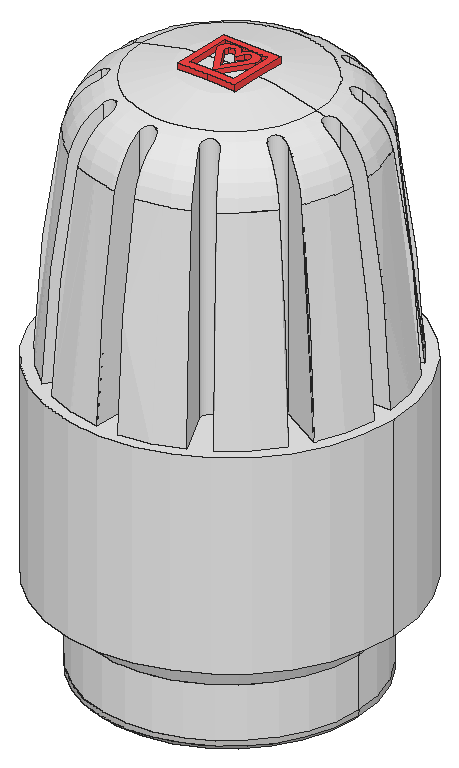
Revit family "HERZ-HERZCULES-Thermostatic Head M28x1.5 9860", category Rohrzubehör, Revit 2020
Family settings
  Bemaßung runder Anschluss = Durchmesser verwenden
  Teiletyp = Normal
  OmniClass-Nummer = 23.65.55.14
  OmniClass-Titel = Valves for Liquid Services
  Arbeitsebenenbasiert = Nein
  Immer vertikal = Nein
  Beim Laden mit Abzugskörper schneiden = Nein
  Gemeinsam genutzt = Nein
Parameters
  Vorgabe-Ansicht = 0.000 mm
  URL = "www.herzvalves.com"
  Set value range = "8 - 26°C"  # constant formula
  S02 = 60.000 mm  # constant formula
  S01 = 81.000 mm  # constant formula
  Part number = 1986010  # constant formula
  Operation = "The HERZ-thermostat serves as a sensor and control element.\r\nThe change in volume of the liquid contained in the HERZ-hydrosensor actuates the valve spindle."
  Model = "HERZCULES, radiator thermostat in robust version\r\nProtection against vandalism, theft and unauthorised operation.\r\nMounting, dismounting and set point control only possible with special tools.\r\nLocked and concealed set point.\r\nWith automatic frost release."
  Hersteller = "HERZ Armaturen Ges.m.b.H."  # constant formula
  Hand wheel = "plastic, white"  # constant formula
  Application = "HERZCULES, thermostatic head for mounting on HERZ-Valves, suitable for thermostatic operation."
Reference planes
  plane 1 "Mitte (Vorne/hinten)": y = 0
  plane 2: z = 0
  plane 3 "Mitte (Links/rechts)": x = 0
Forms (mm)
  Revolve 1, solid, material "Kunststoff weiß", detail levels fine
    sketch origin (0, 0, 0) x (1, 0, 0) y (0, 0, 1)
      loop
        line (-20.5, -3.5) -> (-14, -3.5) -> (-14, 0) -> (0, 0) -> (0, 81)
        arc (0, 81) -> (-6.982, 80.51) -> (-13.827, 79.05) r 50
        arc (-13.827, 79.05) -> (-18.34, 76.173) -> (-20.722, 71.381) r 10
        arc (-20.722, 71.381) -> (-23.123, 55.561) -> (-24.254, 39.6) r 200.5
        line (-24.254, 39.6) -> (-26, 39.6) -> (-26, 9) -> (-23.156, 9) -> (-20.5, 4.4) -> (-20.5, -3.5)
      axis (0, 81) -> (0, -3.5)
    angle from 0 to 360
  Revolve 2, solid, material "Messing verzinkt", detail levels fine
    sketch origin (0, 0, -5) x (1, 0, 0) y (0, 0, 1)
      loop
        line (-14, 0) -> (-14, 1.5) -> (-20.5, 1.5) -> (-20.5, 0.7) -> (-19.8, 0) -> (-14, 0)
      axis (0, 1.5) -> (0, 0)
    angle from 0 to 360
  Extrusion 3, void
    sketch origin (0, 0, 0) x (1, 0, 0) y (0, 1, 0)
      loop
        line (1.7, -24.289) -> (1.331, -16.288)
        arc (1.331, -16.288) -> (-0.021, -15) -> (-1.366, -16.294) r 1.35
        line (-1.366, -16.294) -> (-1.7, -24.292)
        arc (-1.7, -24.292) -> (0, -24.35) -> (1.7, -24.289) r 24.35
      loop
        arc (-13.65, -20.176) -> (-12.208, -21.079) -> (-10.707, -21.879) r 24.35
        line (-10.707, -21.879) -> (-6.996, -14.785)
        arc (-6.996, -14.785) -> (-7.515, -12.992) -> (-9.329, -13.431) r 1.35
        line (-9.329, -13.431) -> (-13.65, -20.176)
      loop
        line (-20.194, -13.632) -> (-13.449, -9.312)
        arc (-13.449, -9.312) -> (-13.009, -7.497) -> (-14.803, -6.979) r 1.35
        line (-14.803, -6.979) -> (-21.896, -10.689)
        arc (-21.896, -10.689) -> (-21.097, -12.19) -> (-20.194, -13.632) r 24.35
      loop
        arc (-24.307, 1.718) -> (-24.368, 0.018) -> (-24.309, -1.682) r 24.35
        line (-24.309, -1.682) -> (-16.311, -1.349)
        arc (-16.311, -1.349) -> (-15.018, -0.003) -> (-16.305, 1.349) r 1.35
        line (-16.305, 1.349) -> (-24.307, 1.718)
      loop
        arc (1.7, 24.289) -> (0, 24.35) -> (-1.7, 24.292) r 24.35
        line (-1.7, 24.292) -> (-1.366, 16.294)
        arc (-1.366, 16.294) -> (-0.021, 15) -> (1.331, 16.288) r 1.35
        line (1.331, 16.288) -> (1.7, 24.289)
      loop
        line (-13.65, 20.176) -> (-9.329, 13.431)
        arc (-9.329, 13.431) -> (-7.515, 12.992) -> (-6.996, 14.785) r 1.35
        line (-6.996, 14.785) -> (-10.707, 21.879)
        arc (-10.707, 21.879) -> (-12.208, 21.079) -> (-13.65, 20.176) r 24.35
      loop
        arc (-20.194, 13.632) -> (-21.097, 12.19) -> (-21.896, 10.689) r 24.35
        line (-21.896, 10.689) -> (-14.803, 6.979)
        arc (-14.803, 6.979) -> (-13.009, 7.497) -> (-13.449, 9.312) r 1.35
        line (-13.449, 9.312) -> (-20.194, 13.632)
      loop
        line (24.307, 1.718) -> (16.305, 1.349)
        arc (16.305, 1.349) -> (15.018, -0.003) -> (16.311, -1.349) r 1.35
        line (16.311, -1.349) -> (24.309, -1.682)
        arc (24.309, -1.682) -> (24.368, 0.018) -> (24.307, 1.718) r 24.35
      loop
        arc (13.65, 20.176) -> (12.208, 21.079) -> (10.707, 21.879) r 24.35
        line (10.707, 21.879) -> (6.996, 14.785)
        arc (6.996, 14.785) -> (7.515, 12.992) -> (9.329, 13.431) r 1.35
        line (9.329, 13.431) -> (13.65, 20.176)
      loop
        line (20.194, 13.632) -> (13.449, 9.312)
        arc (13.449, 9.312) -> (13.009, 7.497) -> (14.803, 6.979) r 1.35
        line (14.803, 6.979) -> (21.896, 10.689)
        arc (21.896, 10.689) -> (21.097, 12.19) -> (20.194, 13.632) r 24.35
      loop
        line (13.65, -20.176) -> (9.329, -13.431)
        arc (9.329, -13.431) -> (7.515, -12.992) -> (6.996, -14.785) r 1.35
        line (6.996, -14.785) -> (10.707, -21.879)
        arc (10.707, -21.879) -> (12.208, -21.079) -> (13.65, -20.176) r 24.35
      loop
        arc (20.194, -13.632) -> (21.097, -12.19) -> (21.896, -10.689) r 24.35
        line (21.896, -10.689) -> (14.803, -6.979)
        arc (14.803, -6.979) -> (13.009, -7.497) -> (13.449, -9.312) r 1.35
        line (13.449, -9.312) -> (20.194, -13.632)
    from 39.6 to 90
Cuts and joins
  Extrusion 3 cuts Revolve 1
Lines and regions (mm)
  model lines, detail levels coarse+medium
    curve 1: line (0, 0, 0) -> (0, 0, 21)
    curve 2: line (0, -0.017, 0) -> (0, 21, 0)
    curve 3: circle (0, 0, 51) r 30 normal (0, -1, 0)
    curve 4: circle (0, 0, 51) r 30 normal (1, 0, 0)
    curve 5: line (0, 0, 31) -> (0, 0, 71)
    curve 6: line (0, 17.5, 71) -> (0, -17.5, 71)
    curve 7: line (0, 0, 31) -> (0, 0, 71)
    curve 8: line (-17.5, 0, 71) -> (17.5, 0, 71)
    curve 9: circle (0, 51, 0) r 30 normal (0, 0, 1)
    curve 10: line (0, 31, 0) -> (0, 71, 0)
    curve 11: line (-17.5, 71, 0) -> (17.5, 71, 0)
Dimensions and locks
  nested 1 to plane 2 = 80.000 mm
  "S01": curve 4 to plane 2
  "S01": curve 3 to plane 2
  "S01": plane 1 "Mitte (Vorne/hinten)" to curve 9
  "S02": diameter of curve 3
  "S02": diameter of curve 4
  "S02": diameter of curve 9
  aligned and locked: level to plane 2
Automatic sketch dimensions
  Revolve 1 sketch curve to level = 0.000 mm
  Revolve 1 sketch curve to plane 3 "Mitte (Links/rechts)" = 0.000 mm  (x2)
  Revolve 1 sketch curve to plane 3 "Mitte (Links/rechts)" = 10.903 mm
  Revolve 1 sketch curve to plane 3 "Mitte (Links/rechts)" = 14.000 mm
  Revolve 1 sketch curve to Revolve 1 sketch curve = 6.500 mm
  level to Revolve 1 sketch curve = 9.000 mm
  Revolve 1 sketch curve to Revolve 1 sketch curve = 2.656 mm
  Revolve 1 sketch curve to plane 3 "Mitte (Links/rechts)" = 24.254 mm
  Revolve 1 sketch curve to Revolve 1 sketch curve = 1.746 mm
  level to Revolve 1 sketch curve = 33.411 mm
  plane 3 "Mitte (Links/rechts)" to Revolve 1 sketch curve = 176.150 mm
  Revolve 1 sketch curve to level = 3.500 mm
  level to Revolve 1 sketch curve = 4.400 mm
  level to Revolve 1 sketch curve = 31.000 mm
  Revolve 1 sketch curve to Revolve 1 sketch curve = 8.600 mm
  Revolve 1 sketch curve to Revolve 1 sketch curve = 29.887 mm
  Revolve 1 sketch curve to Revolve 1 sketch curve = 11.513 mm
  Revolve 1 sketch curve to Revolve 1 sketch curve = 2.925 mm
  level to Revolve 1 sketch curve = 5.000 mm
  Revolve 1 sketch curve to Revolve 1 sketch curve = 2133.315 mm
  Revolve 2 sketch curve to plane 3 "Mitte (Links/rechts)" = 0.000 mm
  Revolve 2 sketch curve to level = 5.000 mm
  Revolve 2 sketch curve to plane 3 "Mitte (Links/rechts)" = 14.000 mm
  Revolve 2 sketch curve to Revolve 2 sketch curve = 5.800 mm
  Revolve 2 sketch curve to Revolve 2 sketch curve = 0.700 mm  (x2)
  Revolve 2 sketch curve to Revolve 2 sketch curve = 1.500 mm
  Revolve 2 sketch curve to Revolve 2 sketch curve = 366.045 mm
  level to Revolve 2 sketch curve = 2209.315 mm
  Extrusion 3 sketch curve to Extrusion 3 sketch curve = 0.000 mm  (x62)
  plane 1 "Mitte (Vorne/hinten)" to Extrusion 3 sketch curve = 0.000 mm  (x4)
  plane 1 "Mitte (Vorne/hinten)" to Extrusion 3 sketch curve = 1.682 mm  (x2)
  Extrusion 3 sketch curve to plane 3 "Mitte (Links/rechts)" = 24.309 mm
  Extrusion 3 sketch curve to plane 1 "Mitte (Vorne/hinten)" = 1.718 mm  (x2)
  Extrusion 3 sketch curve to Extrusion 3 sketch curve = 0.002 mm
  plane 1 "Mitte (Vorne/hinten)" to Extrusion 3 sketch curve = 10.689 mm  (x2)
  Extrusion 3 sketch curve to Extrusion 3 sketch curve = 2.413 mm
  plane 1 "Mitte (Vorne/hinten)" to Extrusion 3 sketch curve = 13.632 mm
  Extrusion 3 sketch curve to Extrusion 3 sketch curve = 4.113 mm
  Extrusion 3 sketch curve to Extrusion 3 sketch curve = 7.942 mm
  plane 1 "Mitte (Vorne/hinten)" to Extrusion 3 sketch curve = 1.349 mm  (x2)
  Extrusion 3 sketch curve to Extrusion 3 sketch curve = 0.056 mm
  Extrusion 3 sketch curve to plane 1 "Mitte (Vorne/hinten)" = 1.349 mm  (x2)
  Extrusion 3 sketch curve to plane 1 "Mitte (Vorne/hinten)" = 6.979 mm  (x2)
  Extrusion 3 sketch curve to Extrusion 3 sketch curve = 1.503 mm  (x4)
  plane 1 "Mitte (Vorne/hinten)" to Extrusion 3 sketch curve = 6.979 mm  (x2)
  Extrusion 3 sketch curve to Extrusion 3 sketch curve = 1.509 mm
  Extrusion 3 sketch curve to Extrusion 3 sketch curve = 0.626 mm  (x6)
  Extrusion 3 sketch curve to Extrusion 3 sketch curve = 6.544 mm  (x2)
  Extrusion 3 sketch curve to plane 1 "Mitte (Vorne/hinten)" = 9.312 mm
  Extrusion 3 sketch curve to Extrusion 3 sketch curve = 0.728 mm  (x6)
  plane 1 "Mitte (Vorne/hinten)" to Extrusion 3 sketch curve = 9.312 mm
  Extrusion 3 sketch curve to Extrusion 3 sketch curve = 2.943 mm  (x4)
  Extrusion 3 sketch curve to Extrusion 3 sketch curve = 4.120 mm  (x6)
  Extrusion 3 sketch curve to Extrusion 3 sketch curve = 1.137 mm  (x4)
  Extrusion 3 sketch curve to Extrusion 3 sketch curve = 1.196 mm  (x5)
  Extrusion 3 sketch curve to plane 3 "Mitte (Links/rechts)" = 1.700 mm  (x2)
  Extrusion 3 sketch curve to plane 3 "Mitte (Links/rechts)" = 1.366 mm  (x2)
  Extrusion 3 sketch curve to plane 3 "Mitte (Links/rechts)" = 0.018 mm  (x2)
  plane 3 "Mitte (Links/rechts)" to Extrusion 3 sketch curve = 0.018 mm
  plane 3 "Mitte (Links/rechts)" to Extrusion 3 sketch curve = 1.331 mm  (x2)
  plane 3 "Mitte (Links/rechts)" to Extrusion 3 sketch curve = 1.700 mm  (x2)
  Extrusion 3 sketch curve to Extrusion 3 sketch curve = 5.665 mm  (x2)
  Extrusion 3 sketch curve to Extrusion 3 sketch curve = 3.710 mm  (x2)
  Extrusion 3 sketch curve to Extrusion 3 sketch curve = 0.006 mm  (x3)
  Extrusion 3 sketch curve to Extrusion 3 sketch curve = 6.745 mm  (x6)
  Extrusion 3 sketch curve to Extrusion 3 sketch curve = 1.702 mm  (x3)
  Extrusion 3 sketch curve to plane 1 "Mitte (Vorne/hinten)" = 10.689 mm  (x2)
  Extrusion 3 sketch curve to Extrusion 3 sketch curve = 8.002 mm  (x3)
  Extrusion 3 sketch curve to Extrusion 3 sketch curve = 7.181 mm
  Extrusion 3 sketch curve to Extrusion 3 sketch curve = 4.848 mm
  Extrusion 3 sketch curve to Extrusion 3 sketch curve = 2.333 mm
  Extrusion 3 sketch curve to Extrusion 3 sketch curve = 4.320 mm
  curve 5 to plane 1 "Mitte (Vorne/hinten)" = 0.000 mm
  curve 4 to plane 1 "Mitte (Vorne/hinten)" = 0.000 mm
  plane 1 "Mitte (Vorne/hinten)" to curve 6 = 17.500 mm
  curve 5 to curve 6 = 17.500 mm
  curve 5 to curve 4 = 20.000 mm
  curve 4 to curve 6 = 20.000 mm
  curve 3 to plane 3 "Mitte (Links/rechts)" = 0.000 mm
  curve 7 to plane 3 "Mitte (Links/rechts)" = 0.000 mm
  curve 1 to plane 3 "Mitte (Links/rechts)" = 0.000 mm
  curve 1 to level = 0.000 mm
  curve 8 to curve 7 = 17.500 mm
  plane 3 "Mitte (Links/rechts)" to curve 8 = 17.500 mm
  curve 1 to curve 7 = 10.000 mm
  curve 3 to curve 8 = 20.000 mm
  curve 9 to plane 3 "Mitte (Links/rechts)" = 0.000 mm
  curve 10 to plane 3 "Mitte (Links/rechts)" = 0.000 mm
  curve 2 to plane 3 "Mitte (Links/rechts)" = 0.000 mm
  curve 11 to curve 10 = 17.500 mm
  plane 3 "Mitte (Links/rechts)" to curve 11 = 17.500 mm
  plane 1 "Mitte (Vorne/hinten)" to curve 2 = 0.017 mm
  curve 2 to curve 10 = 10.000 mm
  curve 9 to curve 11 = 20.000 mm
Nested families
  nested 1: "Herz-Logo" at (0, 0, 80), type "Herz-Logo", detail levels fine
Definition of nested family "Herz-Logo"
  Parameters (values of type "Herz-Logo")
    Default Elevation = 0.000 mm
  Reference planes
    plane 1 "Mitte (Vorne/hinten)": y = 0
    plane 2: z = 0
    plane 3 "Mitte (Links/rechts)": x = 0
  Forms (mm)
    Extrusion 1, solid
      sketch origin (0, 0, 0) x (1, 0, 0) y (0, 1, 0)
        loop
          line (-0.018, -4.517) -> (4.482, -4.517) -> (4.482, 4.483) -> (-4.518, 4.483) -> (-4.518, -4.517) -> (-0.018, -4.517)
        loop
          line (-0.05, -3.48) -> (3.482, -3.48) -> (3.482, 3.483) -> (-3.518, 3.483) -> (-3.518, -3.48) -> (-0.05, -3.48)
        loop
          arc (-0.018, 2.383) -> (-1.543, 3.287) -> (-3.067, 2.383) r 1.738
          arc (-3.067, 2.383) -> (-3.191, 1.899) -> (-3.067, 1.415) r 1.009
          line (-3.067, 1.415) -> (-0.018, -3.281) -> (3.032, 1.415)
          arc (3.032, 1.415) -> (3.156, 1.899) -> (3.032, 2.383) r 1.009
          arc (3.032, 2.383) -> (1.507, 3.287) -> (-0.018, 2.383) r 1.738
        loop
          arc (1.885, 1.272) -> (2.005, 1.675) -> (1.885, 2.079) r 0.74
          arc (1.885, 2.079) -> (1.265, 2.416) -> (0.644, 2.079) r 0.74
          line (0.644, 2.079) -> (-0.018, 0.97) -> (-0.679, 2.079)
          arc (-0.679, 2.079) -> (-1.3, 2.416) -> (-1.921, 2.079) r 0.74
          arc (-1.921, 2.079) -> (-2.04, 1.675) -> (-1.921, 1.272) r 0.74
          line (-1.921, 1.272) -> (-0.018, -1.658) -> (1.885, 1.272)
      from 0 to 1.5
  Dimensions and locks
    aligned and locked: level to plane 2
